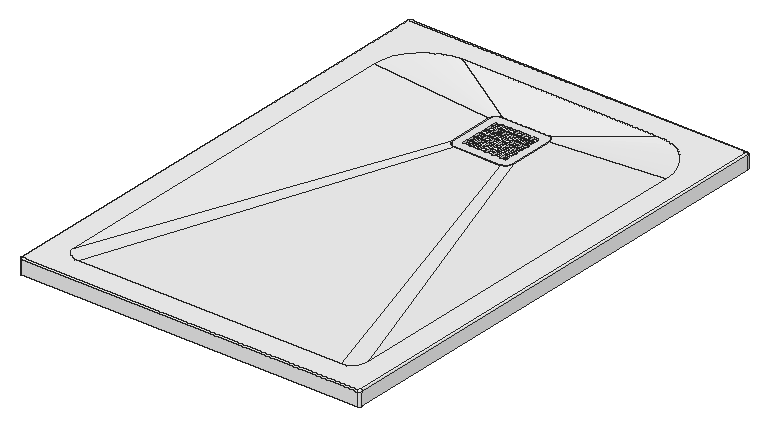
Revit family "IS_UltraFlatS_K8218_BIM_DE", category Plumbing Fixtures, host Face, Revit 2016
Family settings
  Host = Face
  Part Type = Normal
  Round Connector Dimension = Use Diameter
  OmniClass Number = 23.45.05.14.21.11
  OmniClass Title = Bath/Shower Units
  Cut with Voids When Loaded = No
  Shared = No
  Room Calculation Point = No
Parameters (values of type "K8218FR - ULTRAFLAT S PD 100X70 BIANCO")
  WarrantyStartDate = "n/a"
  WarrantyGuarantorParts = "n/a"
  WarrantyGuarantorLabor = "n/a"
  WarrantyDurationUnit = "n/a"
  WarrantyDurationParts = "n/a"
  WarrantyDurationLabor = "n/a"
  WarrantyDescription = "n/a"
  WFU = 0
  VolumeUnits = "Litres"
  Version = "1"
  Uniclass2015Version = "Products v1.1"
  Uniclass2015Title = "Shower trays"
  Uniclass2015Code = "Pr_40_20_06_84"
  URL = "www.idealstandard.de"
  Type Comments = "n/a"
  TagNumber = "n/a"
  SustainabilityPerformance = "n/a"
  Space = "Internal"
  Size = "700 x 1000 x 30 mm"
  Shape = "Rectangular"
  SerialNumber = "n/a"
  ReplacementCost = "n/a"
  ProductInformation = "www.idealstandard.de"
  PredefinedType = "n/a"
  Phone = "+49228 5210"
  NominalWidth = 700 mm
  NominalLength = 1000 mm
  NominalHeight = 30 mm
  NominalDepth = 0 mm
  Name = "ISI_IdealStandard_Showers_Ultra Flat S_K8218FR"
  ModelReference = "IS Rechteck-Brausewanne ULTRA FLAT S, 1000x700x30mm, Carraraweiß"
  ModelNumber = "K8218FR"
  Model = "K8218FR"
  Material = "Sanitary Brass"
  ManufacturerURL = "www.idealstandard.de"
  Manufacturer = "idealstandard.de@idealstandard.com"
  MainMaterial = IS_RenderMaterial_White
  LinearUnits = "millimeters"
  Keynote = ""
  InstallationInstructions = "www.idealstandard.de\\produkte"
  InstallationDate = "1900-12-31T23:59:59"
  Help = "idealstandard.de@idealstandard.com"
  HWFU = 0
  GrossWeight = "27,6 kg"
  Grade = "n/a"
  Finish = "Pure White"
  Features = "ULTRA FLAT S rectangular shower tray 1000x700mm"
  ExpectedLife = "25"
  DurationUnit = "year"
  DistributedBy = "n/a"
  Description = "Ultraflat S Pd 100 x 70 Bianco"
  Default Elevation = 0 mm
  CurrencyUnit = "€"
  CreatedOn = "42774"
  Cost = 0
  Constituents = "n/a"
  ConnectionType = "Plumbing"
  Color = "Pure White"
  CodePerformance = "0"
  CWFU = 0
  Brand = "Ideal Standard"
  BarCode = "4015413067546"
  BIMObjectName = "ISI_IdealStandard_Showers_Ultra Flat S_K8218FR"
  Author = "Ideal Standard"
  AssetType = "Fixed"
  AssetIdentifier = "n/a"
  Assembly Code = "C1030200"
  AreaUnits = "millimeters"
  AreaMeasurement = "n/a"
  Accessories = "www.idealstandard.de\\ersatzteile"
  AccessibilityPerformance = "n/a"
Types (5, lengths in mm): name | Name | ModelReference | ModelNumber | Model | MainMaterial | Finish | Description | Color | BarCode | BIMObjectName
  K8218FR - ULTRAFLAT S PD 100X70 BIANCO | "ISI_IdealStandard_Showers_Ultra Flat S_K8218FR" | "IS Rechteck-Brausewanne ULTRA FLAT S, 1000x700x30mm, Carraraweiß" | "K8218FR" | "K8218FR" | IS_RenderMaterial_White | "Pure White" | "Ultraflat S Pd 100 x 70 Bianco" | "Pure White" | "4015413067546" | "ISI_IdealStandard_Showers_Ultra Flat S_K8218FR"
  K8218FV - ULTRAFLAT S PD 100X70 NERO | "ISI_IdealStandard_Showers_Ultra Flat S_K8218FV" | "IS Rechteck-Brausewanne ULTRA FLAT S, 1000x700x30mm, Schiefer" | "K8218FV" | "K8218FV" | IS_RenderMaterial_Black | "Jet Black" | "Ultraflat S Pd 100 x 70 Nero" | "Jet Black" | "4015413071680" | "ISI_IdealStandard_Showers_Ultra Flat S_K8218FV"
  K8218FS - ULTRAFLAT S PD 100X70 GRIGIO CEMENTO | "ISI_IdealStandard_Showers_Ultra Flat S_K8218FS" | "IS Rechteck-Brausewanne ULTRA FLAT S, 1000x700x30mm, Quarzgrau" | "K8218FS" | "K8218FS" | IS_RenderMaterial_Grey | "Concrete Grey" | "Ultraflat S Pd 100 x 70 Grigio Cemento" | "Concrete Grey" | "4015413070560" | "ISI_IdealStandard_Showers_Ultra Flat S_K8218FS"
  K8218FT - ULTRAFLAT S PD 100X70 SABBIA | "ISI_IdealStandard_Showers_Ultra Flat S_K8218FT" | "IS Rechteck-Brausewanne ULTRA FLAT S, 1000x700x30mm, Sandstein" | "K8218FT" | "K8218FT" | IS_RenderMaterial_Sand | "Beach Sand" | "Ultraflat S Pd 100 x 70 Sabbia" | "Beach Sand" | "4015413070935" | "ISI_IdealStandard_Showers_Ultra Flat S_K8218FT"
  K8218FU - ULTRAFLAT S PD 100X70 MOKA | "ISI_IdealStandard_Showers_Ultra Flat S_K8218FU" | "IS Rechteck-Brausewanne ULTRA FLAT S, 1000x700x30mm, Lavabraun" | "K8218FU" | "K8218FU" | IS_RenderMaterial_Moka | "Deep Moka" | "Ultraflat S Pd 100 x 70 Moka" | "Deep Moka" | "4015413071321" | "ISI_IdealStandard_Showers_Ultra Flat S_K8218FU"
Reference planes
  plane 1 "Center (Front/Back)": y = 0
  plane 2: z = 0
  plane 3 "Center (Left/Right)": x = 0
  plane 4: z = 30
  plane 5: y = -1000
  plane 6: x = -350
  plane 7: x = -300
  plane 8: x = 350
  plane 9: x = 300
Forms (mm)
  Extrusion 1, solid, material "IS_RenderMaterial_White" <- "MainMaterial"
    sketch origin (0, 0, 0) x (1, 0, 0) y (0, 1, 0)
      loop
        arc (-345, 0) -> (-348.536, -1.464) -> (-350, -5) r 5
        line (-350, -5) -> (-350, -995)
        arc (-350, -995) -> (-348.536, -998.536) -> (-345, -1000) r 5
        line (-345, -1000) -> (345, -1000)
        arc (345, -1000) -> (348.536, -998.536) -> (350, -995) r 5
        line (350, -995) -> (350, -5)
        arc (350, -5) -> (348.536, -1.464) -> (345, 0) r 5
        line (345, 0) -> (-345, 0)
    from 0 to 30
  Blend 2, void
    base sketch origin (0, 39.744, 30) x (-1, 0, 0) y (0, -1, 0)
      loop
        arc (200, 89.744) -> (270.711, 119.033) -> (300, 189.744) r 100
        line (300, 189.744) -> (300, 959.744)
        arc (300, 959.744) -> (291.213, 980.957) -> (270, 989.744) r 30
        line (270, 989.744) -> (-270, 989.744)
        arc (-270, 989.744) -> (-291.213, 980.957) -> (-300, 959.744) r 30
        line (-300, 959.744) -> (-300, 189.744)
        arc (-300, 189.744) -> (-270.711, 119.033) -> (-200, 89.744) r 100
        line (-200, 89.744) -> (200, 89.744)
    top sketch origin (0, 39.744, 30) x (-1, 0, 0) y (0, -1, 0)
      loop
        arc (47.5, 177.244) -> (58.107, 181.637) -> (62.5, 192.244) r 15
        line (62.5, 192.244) -> (62.5, 287.244)
        arc (62.5, 287.244) -> (58.107, 297.85) -> (47.5, 302.244) r 15
        line (47.5, 302.244) -> (-47.5, 302.244)
        arc (-47.5, 302.244) -> (-58.107, 297.85) -> (-62.5, 287.244) r 15
        line (-62.5, 287.244) -> (-62.5, 192.244)
        arc (-62.5, 192.244) -> (-58.107, 181.637) -> (-47.5, 177.244) r 15
        line (-47.5, 177.244) -> (47.5, 177.244)
    from 0 to -15
  Revolve 3, void
    sketch origin (-65.411, -200, 1219.2) x (-1, 0, 0) y (0, 0, 1)
      loop
        line (-65.411, -1219.2) -> (-20.411, -1219.2) -> (-20.411, -1214.2) -> (-13.411, -1207.2) -> (-65.411, -1207.2) -> (-65.411, -1219.2)
      axis (-65.411, -1219.2) -> (-65.411, -1207.2)
    angle from 0 to 360
  Extrusion 4, void
    sketch origin (0, -134.515, 12) x (-1, 0, 0) y (0, 1, 0)
      loop
        arc (-47.5, -2.985) -> (-58.107, -7.379) -> (-62.5, -17.985) r 15
        line (-62.5, -17.985) -> (-62.5, -112.985)
        arc (-62.5, -112.985) -> (-58.107, -123.592) -> (-47.5, -127.985) r 15
        line (-47.5, -127.985) -> (47.5, -127.985)
        arc (47.5, -127.985) -> (58.107, -123.592) -> (62.5, -112.985) r 15
        line (62.5, -112.985) -> (62.5, -17.985)
        arc (62.5, -17.985) -> (58.107, -7.379) -> (47.5, -2.985) r 15
        line (47.5, -2.985) -> (-47.5, -2.985)
    from 0 to -3
  Extrusion 5, solid, material "Chrome - Polished"
    sketch origin (0, -134.515, 12) x (0, 1, 0) y (-1, 0, 0)
      loop
        arc (-4.985, 46.539) -> (-9.074, 56.411) -> (-18.946, 60.5) r 13.961
        line (-18.946, 60.5) -> (-111.985, 60.5)
        arc (-111.985, 60.5) -> (-121.885, 56.399) -> (-125.985, 46.5) r 14
        line (-125.985, 46.5) -> (-125.985, -46.5)
        arc (-125.985, -46.5) -> (-121.885, -56.399) -> (-111.985, -60.5) r 14
        line (-111.985, -60.5) -> (-18.985, -60.5)
        arc (-18.985, -60.5) -> (-9.086, -56.399) -> (-4.985, -46.5) r 14
        line (-4.985, -46.5) -> (-4.985, 46.539)
      loop
        line (-64.007, 45) -> (-64.007, 32) -> (-52.007, 32) -> (-52.007, 45) -> (-64.007, 45)
      loop
        line (-49.007, 45) -> (-49.007, 32) -> (-37.007, 32) -> (-37.007, 45) -> (-49.007, 45)
      loop
        line (-34.007, 45) -> (-34.007, 32) -> (-22.007, 32) -> (-22.007, 45) -> (-34.007, 45)
      loop
        line (-34.007, 29) -> (-34.007, 16) -> (-22.007, 16) -> (-22.007, 29) -> (-34.007, 29)
      loop
        line (-34.007, 13) -> (-34.007, 1.526) -> (-22.007, 1.526) -> (-22.007, 13) -> (-34.007, 13)
      loop
        line (-37.007, 29) -> (-49.007, 29) -> (-49.007, 16) -> (-37.007, 16) -> (-37.007, 29)
      loop
        line (-37.007, 13) -> (-49.007, 13) -> (-49.007, 1.526) -> (-37.007, 1.526) -> (-37.007, 13)
      loop
        line (-52.007, 29) -> (-64.007, 29) -> (-64.007, 16) -> (-52.007, 16) -> (-52.007, 29)
      loop
        line (-52.007, 13) -> (-64.007, 13) -> (-64.007, 1.526) -> (-52.007, 1.526) -> (-52.007, 13)
      loop
        line (-64.007, -45) -> (-52.007, -45) -> (-52.007, -32) -> (-64.007, -32) -> (-64.007, -45)
      loop
        line (-49.007, -45) -> (-37.007, -45) -> (-37.007, -32) -> (-49.007, -32) -> (-49.007, -45)
      loop
        line (-34.007, -45) -> (-22.007, -45) -> (-22.007, -32) -> (-34.007, -32) -> (-34.007, -45)
      loop
        line (-34.007, -29) -> (-22.007, -29) -> (-22.007, -16) -> (-34.007, -16) -> (-34.007, -29)
      loop
        line (-34.007, -13) -> (-22.007, -13) -> (-22.007, -1.526) -> (-34.007, -1.526) -> (-34.007, -13)
      loop
        line (-37.007, -29) -> (-37.007, -16) -> (-49.007, -16) -> (-49.007, -29) -> (-37.007, -29)
      loop
        line (-37.007, -13) -> (-37.007, -1.526) -> (-49.007, -1.526) -> (-49.007, -13) -> (-37.007, -13)
      loop
        line (-52.007, -29) -> (-52.007, -16) -> (-64.007, -16) -> (-64.007, -29) -> (-52.007, -29)
      loop
        line (-52.007, -13) -> (-52.007, -1.526) -> (-64.007, -1.526) -> (-64.007, -13) -> (-52.007, -13)
      loop
        line (-66.963, 45) -> (-78.963, 45) -> (-78.963, 32) -> (-66.963, 32) -> (-66.963, 45)
      loop
        line (-81.963, 45) -> (-93.963, 45) -> (-93.963, 32) -> (-81.963, 32) -> (-81.963, 45)
      loop
        line (-96.963, 45) -> (-108.963, 45) -> (-108.963, 32) -> (-96.963, 32) -> (-96.963, 45)
      loop
        line (-96.963, 29) -> (-108.963, 29) -> (-108.963, 16) -> (-96.963, 16) -> (-96.963, 29)
      loop
        line (-96.963, 13) -> (-108.963, 13) -> (-108.963, 1.526) -> (-96.963, 1.526) -> (-96.963, 13)
      loop
        line (-93.963, 29) -> (-93.963, 16) -> (-81.963, 16) -> (-81.963, 29) -> (-93.963, 29)
      loop
        line (-93.963, 13) -> (-93.963, 1.526) -> (-81.963, 1.526) -> (-81.963, 13) -> (-93.963, 13)
      loop
        line (-78.963, 29) -> (-78.963, 16) -> (-66.963, 16) -> (-66.963, 29) -> (-78.963, 29)
      loop
        line (-78.963, 13) -> (-78.963, 1.526) -> (-66.963, 1.526) -> (-66.963, 13) -> (-78.963, 13)
      loop
        line (-66.963, -45) -> (-66.963, -32) -> (-78.963, -32) -> (-78.963, -45) -> (-66.963, -45)
      loop
        line (-81.963, -45) -> (-81.963, -32) -> (-93.963, -32) -> (-93.963, -45) -> (-81.963, -45)
      loop
        line (-96.963, -45) -> (-96.963, -32) -> (-108.963, -32) -> (-108.963, -45) -> (-96.963, -45)
      loop
        line (-96.963, -29) -> (-96.963, -16) -> (-108.963, -16) -> (-108.963, -29) -> (-96.963, -29)
      loop
        line (-96.963, -13) -> (-96.963, -1.526) -> (-108.963, -1.526) -> (-108.963, -13) -> (-96.963, -13)
      loop
        line (-93.963, -29) -> (-81.963, -29) -> (-81.963, -16) -> (-93.963, -16) -> (-93.963, -29)
      loop
        line (-93.963, -13) -> (-81.963, -13) -> (-81.963, -1.526) -> (-93.963, -1.526) -> (-93.963, -13)
      loop
        line (-78.963, -29) -> (-66.963, -29) -> (-66.963, -16) -> (-78.963, -16) -> (-78.963, -29)
      loop
        line (-78.963, -13) -> (-66.963, -13) -> (-66.963, -1.526) -> (-78.963, -1.526) -> (-78.963, -13)
    from 0 to 3
  Sweep 6, void
    path in 3D
      loop
        arc (350, -5, 30) -> (348.536, -1.464, 30) -> (345, 0, 30) r 5
        line (345, 0, 30) -> (-345, 0, 30)
        arc (-345, 0, 30) -> (-348.536, -1.464, 30) -> (-350, -5, 30) r 5
        line (-350, -5, 30) -> (-350, -995, 30)
        arc (-350, -995, 30) -> (-348.536, -998.536, 30) -> (-345, -1000, 30) r 5
        line (-345, -1000, 30) -> (345, -1000, 30)
        arc (345, -1000, 30) -> (348.536, -998.536, 30) -> (350, -995, 30) r 5
        line (350, -995, 30) -> (350, -5, 30)
    profile origin (350, -500, 30) x (-1, 0, 0) y (0, 0, 1)
      loop
        line (0, 0) -> (0, -3)
        arc (0, -3) -> (0.879, -0.879) -> (3, 0) r 3
        line (3, 0) -> (0, 0)
Cuts and joins
  Blend 2, Revolve 3, Extrusion 4, Sweep 6 cuts Extrusion 1
  Blend 2 cuts Extrusion 5
Lines and regions (mm)
  sketch lines
    curve 1: line (350, -995, 30) -> (350, -5, 30)
    curve 2: arc (350, -995, 30) -> (348.536, -998.536, 30) -> (345, -1000, 30) r 5
    curve 3: line (-345, -1000, 30) -> (345, -1000, 30)
    curve 4: arc (-345, -1000, 30) -> (-348.536, -998.536, 30) -> (-350, -995, 30) r 5
    curve 5: line (-350, -5, 30) -> (-350, -995, 30)
    curve 6: arc (-350, -5, 30) -> (-348.536, -1.464, 30) -> (-345, 0, 30) r 5
    curve 7: line (345, 0, 30) -> (-345, 0, 30)
    curve 8: arc (345, 0, 30) -> (348.536, -1.464, 30) -> (350, -5, 30) r 5
Dimensions and locks
  "NominalHeight": level to plane 4
  "NominalLength": plane 5 to plane 1 "Center (Front/Back)"
  "NominalWidth": plane 6 to plane 8
  aligned and locked: plane 2 to host face
  aligned and locked: level to host face
  aligned and locked: plane 4 to cut or joined group of Extrusion 1, Blend 2, Revolve 3, Extrusion 4, Sweep 6
Automatic sketch dimensions
  host sketch curve to host sketch curve = 1657.395 mm
  host sketch curve to host sketch curve = 1698.7 mm
  Extrusion 1 sketch curve to plane 6 = 0 mm
  plane 5 to Extrusion 1 sketch curve = 0 mm
  plane 1 "Center (Front/Back)" to Extrusion 1 sketch curve = 0 mm
  Extrusion 1 sketch curve to plane 8 = 0 mm
  Extrusion 1 sketch curve to plane 6 = 5 mm
  plane 1 "Center (Front/Back)" to Extrusion 1 sketch curve = 5 mm
  Extrusion 1 sketch curve to plane 8 = 5 mm  (x2)
  Blend 2 sketch curve to plane 9 = 0 mm
  Blend 2 sketch curve to plane 7 = 0 mm
  Blend 2 sketch curve to Blend 2 sketch curve = 30 mm  (x2)
  Blend 2 sketch curve to plane 9 = 100 mm
  Blend 2 sketch curve to plane 7 = 100 mm
  plane 1 "Center (Front/Back)" to Blend 2 sketch curve = 50 mm
  Blend 2 sketch curve to plane 5 = 80 mm
  plane 3 "Center (Left/Right)" to Blend 2 sketch curve = 62.5 mm
  Blend 2 sketch curve to Blend 2 sketch curve = 15 mm  (x3)
  Blend 2 sketch curve to plane 3 "Center (Left/Right)" = 47.5 mm  (x2)
  plane 1 "Center (Front/Back)" to Blend 2 sketch curve = 137.5 mm
  Blend 2 sketch curve to Blend 2 sketch curve = 95 mm
  Revolve 3 sketch curve to level = 0 mm
  Revolve 3 sketch curve to plane 3 "Center (Left/Right)" = 0 mm  (x2)
  level to Revolve 3 sketch curve = 5 mm
  Revolve 3 sketch curve to plane 3 "Center (Left/Right)" = 45 mm
  Revolve 3 sketch curve to Revolve 3 sketch curve = 7 mm
  Revolve 3 sketch curve to Revolve 3 sketch curve = 12 mm
  Revolve 3 sketch curve to level = 10 mm
  plane 4 to Revolve 3 sketch curve = 7.813 mm
  plane 3 "Center (Left/Right)" to Extrusion 4 sketch curve = 62.5 mm
  Extrusion 4 sketch curve to Extrusion 4 sketch curve = 15 mm  (x3)
  Extrusion 4 sketch curve to plane 3 "Center (Left/Right)" = 47.5 mm  (x2)
  plane 1 "Center (Front/Back)" to Extrusion 4 sketch curve = 137.5 mm
  Extrusion 4 sketch curve to Extrusion 4 sketch curve = 95 mm
  plane 3 "Center (Left/Right)" to Extrusion 5 sketch curve = 46.5 mm
  plane 1 "Center (Front/Back)" to Extrusion 5 sketch curve = 260.5 mm
  Extrusion 5 sketch curve to Extrusion 5 sketch curve = 14 mm  (x3)
  Extrusion 5 sketch curve to Extrusion 5 sketch curve = 3.022 mm  (x3)
  Extrusion 5 sketch curve to Extrusion 5 sketch curve = 0 mm  (x56)
  plane 3 "Center (Left/Right)" to Extrusion 5 sketch curve = 1.526 mm  (x6)
  Extrusion 5 sketch curve to Extrusion 5 sketch curve = 12 mm  (x18)
  Extrusion 5 sketch curve to Extrusion 5 sketch curve = 3 mm  (x37)
  Extrusion 5 sketch curve to Extrusion 5 sketch curve = 2.956 mm  (x6)
  Extrusion 5 sketch curve to Extrusion 5 sketch curve = 3.061 mm
  Extrusion 5 sketch curve to Extrusion 5 sketch curve = 1.5 mm  (x3)
  Extrusion 5 sketch curve to Extrusion 5 sketch curve = 13 mm  (x9)
  Extrusion 5 sketch curve to plane 3 "Center (Left/Right)" = 1.526 mm  (x6)
  Extrusion 5 sketch curve to Extrusion 5 sketch curve = 11.474 mm  (x2)
  Sweep 6 sketch curve to profile plane = 0 mm  (x2)
  Sweep 6 sketch curve to profile plane = 3 mm
Connectors
  piping at (0, -200, 0), diameter 90
    settings: on cut or joined group of Extrusion 1, Blend 2, Revolve 3, Extrusion 4, Sweep 6, index 1, connector inside diameter 609.6 mm, connector length 0 mm, flow factor 0, pipe flow 0.0 L/s, pressure drop 0.0 Pa, fitting loss kfactor 0, connector angle 0.00°, fixture units 0, engagement length 0 mm, angle of deflection 0.00°, flow configuration 2, flow direction 2, fitting loss method 0, system type 16, joint type 0, gender type 0, connector reference index -1, connector utility 0, adjustable connector no, is connector primary yes, connector description ""
